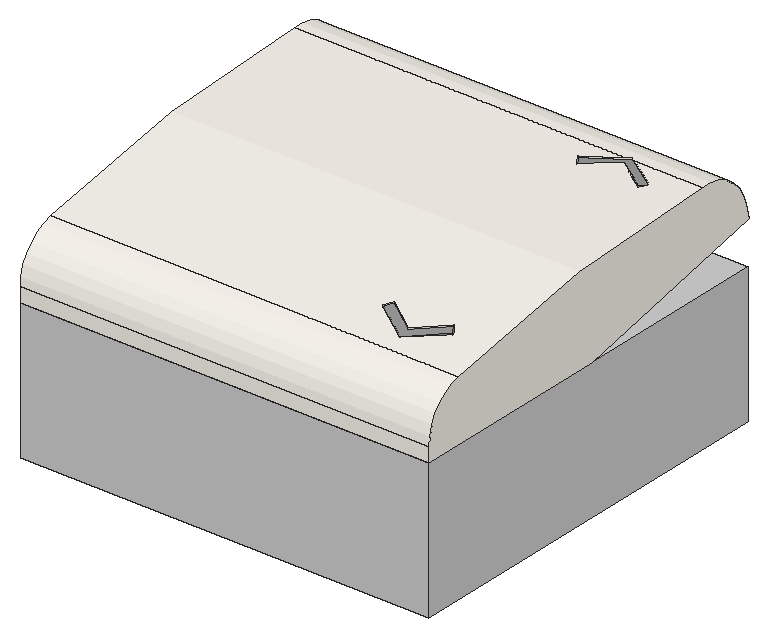
Revit family "Domotics-DomesticRanges-GEWISS-CHORUS_COMMAND-THREE-WAY_SWITCH_2M", category Apparecchi elettrici, host Superficie, Revit 2016
Family settings
  Host = Superficie
  Mantenere orientamento annotazione = Sì
  Tipo di parte = Normale
  Quota connettore circolare = Usa diametro
  Numero OmniClass = 23.80.50.11.14
  Titolo OmniClass = Switches
  Taglio con vuoti quando caricato = Sì
  Condiviso = Sì
  Punto di calcolo locali = No
Parameters (values of type "GW14123 - 3-WAY SWITCH 2M 1P 10AX UP-DOWN TITANIUM")
  Vista di pianta [instance] = yes
  Version file RFA = "19.0"
  URL = "https://www.gewiss.com/ww/en"
  Tipo_ = CHORUS COMMUTATORI 2M_BASE : GW14123 - Titanio
  Technical sheet = "https://www.gewiss.com/ww/en/search?q=GW14123"
  Simbolo_ = SIMBOLO COMMUTATORI : COMM
  SIMBOLO [instance] = yes
  Realized by GEWISS S.p.A. = ""
  Produttore = "GEWISS S.p.A."
  Offset pulsante [instance] = 0 mm
  Offset bidimensionale [instance] = 2 mm
  Modello = "GW14123"
  Larghezza pulsante = 46 mm
  IFC.TypeObject = ""
  IFC.ExportType = ""
  IFC.ExportAs = ""
  IDT = "c454bc21-6205-4e8f-baf1-45f8cd5f8f96"
  IDF = "2266ed53-35f0-49de-98f4-7ea16ee829f8"
  Electrocod = "0131                "
  EAN code = "8011564894181"
  Distanza_effettiva_x = 1500 mm - Distanza_x  # 1500 mm
  Distanza_x = 0 mm
  Default Elevation = 1219.2 mm
  Immagine tipo = GW14123.jpg
  Descrizione = "3-WAY SWITCH 2M 1P 10AX UP-DOWN TITANIUM"
  Catalogue Range = "CHORUS - DOMESTIC RANGE"
  Catalogue = "DOMOTICS"
  COBie.Tagnumber = ""
  COBie.CreatedOn = ""
  COBie.CreatebBy = ""
  COBie.ComponentRegisterItemID = ""
  COBie.Component.TagNumber = ""
  COBie.Component.Space = ""
  COBie.Component.SerialNumber = ""
  COBie.Component.InstallationDate = ""
  COBie.Component.Description = ""
  COBie.Component.BarCode = ""
Types (3, lengths in mm): name | Tipo_ | Technical sheet | Modello | IDT | EAN code | Immagine tipo | Descrizione
  GW10123 - 3-WAY SWITCH, 2M 1P 10AX UP-DOWN WHITE | CHORUS COMMUTATORI 2M_BASE : GW10123 - Bianco | "https://www.gewiss.com/ww/en/search?q=GW10123" | "GW10123" | "97eb75cd-b8ab-43fd-86b8-1d700ec36e9f" | "8011564894129" | GW10123.jpg | "3-WAY SWITCH, 2M 1P 10AX UP-DOWN WHITE"
  GW14123 - 3-WAY SWITCH 2M 1P 10AX UP-DOWN TITANIUM | CHORUS COMMUTATORI 2M_BASE : GW14123 - Titanio | "https://www.gewiss.com/ww/en/search?q=GW14123" | "GW14123" | "c454bc21-6205-4e8f-baf1-45f8cd5f8f96" | "8011564894181" | GW14123.jpg | "3-WAY SWITCH 2M 1P 10AX UP-DOWN TITANIUM"
  GW12123 - 3-WAY SWITCH, 2M 1P 10AX UP-DOWN BLACK | CHORUS COMMUTATORI 2M_BASE : GW12123 - Nero | "https://www.gewiss.com/ww/en/search?q=GW12123" | "GW12123" | "5a94cc68-8092-4a04-ab20-ffba71acd389" | "8011564894174" | GW12123.jpg | "3-WAY SWITCH, 2M 1P 10AX UP-DOWN BLACK"
Reference planes
  plane 1 "Centro (Fronte/Retro)": y = 0
  plane 2: z = 0
  plane 3 "Centro (Sinistra/Destra)": x = 0
  plane 4: z = 0
  plane 5 "piano bidimensionale": z = 2
  plane 6: x = 0
  plane 7: x = -23
  plane 8: x = 23
  plane 9: z = 26
  plane 10: x = -1500
Lines and regions (mm)
  Masking region 1, visible <- "Vista di pianta"
    outline origin (0, 0, 0) x (1, 0, 0) y (0, 0, 1)
      loop
        line (-23, 26) -> (-23, 0) -> (23, 0) -> (23, 26) -> (-23, 26)
  model lines, style "pulsanti", not visible, detail levels coarse
    curve 1: line (-23, 22.5, 58) -> (23, 22.5, 58)
    curve 2: line (-23, -22.5, 58) -> (-23, 22.5, 58)
    curve 3: line (23, -22.5, 58) -> (-23, -22.5, 58)
    curve 4: line (23, 22.5, 58) -> (23, -22.5, 58)
    curve 5: line (16.279, 16.431, 58) -> (12.328, 13.765, 58)
    curve 6: line (20.231, 13.765, 58) -> (16.279, 16.431, 58)
    curve 7: line (16.279, 15.225, 58) -> (12.887, 12.936, 58)
    curve 8: line (19.671, 12.936, 58) -> (16.279, 15.225, 58)
    curve 9: line (12.328, 13.765, 58) -> (12.887, 12.936, 58)
    curve 10: line (19.671, 12.936, 58) -> (20.231, 13.765, 58)
    curve 11: line (16.279, -16.431, 58) -> (12.328, -13.765, 58)
    curve 12: line (20.231, -13.765, 58) -> (16.279, -16.431, 58)
    curve 13: line (16.279, -15.225, 58) -> (12.887, -12.936, 58)
    curve 14: line (19.671, -12.936, 58) -> (16.279, -15.225, 58)
    curve 15: line (12.328, -13.765, 58) -> (12.887, -12.936, 58)
    curve 16: line (19.671, -12.936, 58) -> (20.231, -13.765, 58)
  model lines, style "pulsanti", detail levels coarse
    curve 17: line (-23, 22.5, 26) -> (23, 22.5, 26)
    curve 18: line (-23, -22.5, 26) -> (-23, 22.5, 26)
    curve 19: line (23, -22.5, 26) -> (-23, -22.5, 26)
    curve 20: line (23, 22.5, 26) -> (23, -22.5, 26)
    curve 21: line (16.279, 16.431, 26) -> (12.328, 13.765, 26)
    curve 22: line (20.231, 13.765, 26) -> (16.279, 16.431, 26)
    curve 23: line (16.279, 15.225, 26) -> (12.887, 12.936, 26)
    curve 24: line (19.671, 12.936, 26) -> (16.279, 15.225, 26)
    curve 25: line (12.328, 13.765, 26) -> (12.887, 12.936, 26)
    curve 26: line (19.671, 12.936, 26) -> (20.231, 13.765, 26)
    curve 27: line (16.279, -16.431, 26) -> (12.328, -13.765, 26)
    curve 28: line (20.231, -13.765, 26) -> (16.279, -16.431, 26)
    curve 29: line (16.279, -15.225, 26) -> (12.887, -12.936, 26)
    curve 30: line (19.671, -12.936, 26) -> (16.279, -15.225, 26)
    curve 31: line (12.328, -13.765, 26) -> (12.887, -12.936, 26)
    curve 32: line (19.671, -12.936, 26) -> (20.231, -13.765, 26)
Dimensions and locks
  "Offset pulsante": plane 4 to host face
  "Offset bidimensionale": plane 5 "piano bidimensionale" to plane 2
  equal spacing: plane 7, plane 3 "Centro (Sinistra/Destra)", plane 8
  "Larghezza pulsante": plane 7 to plane 8
  locked: plane 9 to plane 4 at 26
  "Distanza_effettiva_x": plane 10 to plane 6
  plane 10 to plane 3 "Centro (Sinistra/Destra)" = 1500 mm
  aligned and locked: plane 2 to host face
  aligned and locked: level to host face
  aligned and locked: nested 1 to plane 4  (x2)
  aligned and locked: plane 6 to nested 2
  aligned and locked: Masking region 1 sketch curve to plane 9
  aligned and locked: plane 7 to Masking region 1 sketch curve
  aligned and locked: plane 4 to Masking region 1 sketch curve
Automatic sketch dimensions
  host sketch curve to host sketch curve = 2438.4 mm  (x2)
  curve 1 to curve 5 = 6.069 mm
  curve 5 to curve 7 = 1.206 mm
  curve 7 to curve 5 = 1.46 mm
  curve 7 to curve 6 = 1.46 mm
  curve 5 to curve 7 = 0.829 mm
  curve 6 to curve 8 = 0.829 mm
  curve 7 to curve 15 = 25.872 mm
  curve 13 to curve 16 = 0 mm
  curve 13 to curve 11 = 0.829 mm
  curve 14 to curve 16 = 0.829 mm
  curve 14 to curve 14 = 2.289 mm
  curve 13 to curve 11 = 1.206 mm
  curve 11 to curve 3 = 6.069 mm
  curve 2 to curve 11 = 35.328 mm
  curve 9 to curve 11 = 0 mm
  curve 5 to curve 7 = 0.559 mm
  curve 11 to curve 15 = 0.559 mm
  curve 11 to curve 4 = 6.721 mm
  Masking region 1 sketch curve to plane 8 = 0 mm
  curve 17 to curve 21 = 6.069 mm
  curve 21 to curve 23 = 1.206 mm
  curve 23 to curve 21 = 1.46 mm
  curve 23 to curve 22 = 1.46 mm
  curve 21 to curve 23 = 0.829 mm
  curve 22 to curve 24 = 0.829 mm
  curve 23 to curve 31 = 25.872 mm
  curve 29 to curve 32 = 0 mm
  curve 29 to curve 27 = 0.829 mm
  curve 30 to curve 32 = 0.829 mm
  curve 30 to curve 30 = 2.289 mm
  curve 29 to curve 27 = 1.206 mm
  curve 27 to curve 19 = 6.069 mm
  curve 18 to curve 27 = 35.328 mm
  curve 25 to curve 27 = 0 mm
  curve 21 to curve 23 = 0.559 mm
  curve 27 to curve 31 = 0.559 mm
  curve 27 to curve 20 = 6.721 mm
Nested families
  nested 1: "CHORUS COMMUTATORI 2M_BASE" at (0, 0, 0), type <- "Tipo_", type "GW14123 - Titanio"
  nested 2: "SIMBOLO COMMUTATORI" at (0, 24.884, 0), type <- "Simbolo_", SIMBOLO <- "SIMBOLO", type "COMM"
    with SIMBOLO yes, Distanza dal muro 1 mm, BORDO ACCESO yes
Connectors
  electrical at (0, 0, 0)
    settings: on nested 1, index 1, voltage 0 V, apparent load 0 VA, apparent load phase1 0 VA, apparent load phase2 0 VA, apparent load phase3 0 VA, power factor 1, load classification "Other", number of poles 1, system type 31, power factor state 1, is connector primary yes, connector utility no, sub classification motor no, connector description ""
Definition of nested family "CHORUS COMMUTATORI 2M_BASE"
  Parameters (values of type "GW10123 - Bianco")
    Simboli su e giù = none
    Supporto = none
    Pulsante = none
    Profondità suporto = 15.673 mm
    Larghezza pulsante = 23 mm
    Bidimensionale = 36.414 mm
    Altezza pulsante = 45 mm
  Types (3): name
    GW10123 - Bianco
    GW14123 - Titanio
    GW12123 - Nero
  Reference planes
    plane 1 "Centro (Fronte/Retro)": y = 0
    plane 2: z = 0
    plane 3 "Centro (Sinistra/Destra)": x = 0
    plane 4: y = -22.5
    plane 5: y = 22.5
    plane 6: x = -11.5
    plane 7: x = 11.5
    plane 8: z = 15.673
    plane 9 "PIANO BIDIMENSIONALE": z = 36.414
  Forms (mm)
    Extrusion 1, solid, material <- "Supporto", detail levels medium+fine
      sketch origin (0, 0, 0) x (0, 1, 0) y (0, 0, 1)
        loop
          line (-22.5, 0) -> (22.5, 0) -> (22.5, 15.673) -> (-22.5, 15.673) -> (-22.5, 0)
      from -23 to 23
    Extrusion 2, solid, material <- "Pulsante", detail levels medium+fine
      sketch origin (0, 0, 0) x (0, 1, 0) y (0, 0, 1)
        loop
          line (-22.5, 15.673) -> (0.483, 15.673) -> (22.519, 20.482) -> (22.148, 22.183)
          arc (22.148, 22.183) -> (19.948, 25.458) -> (16.125, 26.433) r 5.53
          arc (16.125, 26.433) -> (-1.159, 25.53) -> (-18.194, 22.47) r 137.99
          arc (-18.194, 22.47) -> (-21.286, 20.607) -> (-22.5, 17.207) r 5.368
          line (-22.5, 17.207) -> (-22.5, 15.673)
      from -23 to 23
    Extrusion 3, solid, material <- "Pulsante", not visible, detail levels medium+fine
      sketch origin (0, 0, 0) x (0, 1, 0) y (0, 0, 1)
        loop
          line (-22.5, 15.673) -> (-5.8, 15.673) -> (0, 20.313) -> (6.657, 17.02) -> (22.519, 20.482) -> (22.148, 22.183)
          arc (22.148, 22.183) -> (19.948, 25.458) -> (16.125, 26.433) r 5.53
          arc (16.125, 26.433) -> (-1.159, 25.53) -> (-18.194, 22.47) r 137.99
          arc (-18.194, 22.47) -> (-21.286, 20.607) -> (-22.5, 17.207) r 5.368
          line (-22.5, 17.207) -> (-22.5, 15.673)
      from -11.5 to 11.5
    Extrusion 4, void, not visible, detail levels medium+fine
      sketch origin (0, 0, 0) x (0, 1, 0) y (0, 0, 1)
        loop
          arc (-20, 19.947) -> (-16.844, 20.738) -> (-13.67, 21.455) r 135.99
          line (-13.67, 21.455) -> (-13.67, 23.499)
          arc (-13.67, 23.499) -> (-15.936, 23.003) -> (-18.194, 22.47) r 137.99
          arc (-18.194, 22.47) -> (-19.13, 22.19) -> (-20, 21.745) r 5.368
          line (-20, 21.745) -> (-20, 19.947)
      from 3.779 to 10.113
    Extrusion 5, solid, material <- "Pulsante", not visible, detail levels medium+fine
      sketch origin (0, -125, 0) x (0, 1, 0) y (0, 0, 1)
        loop
          line (-22.5, 15.673) -> (-5.8, 15.673) -> (0, 20.313) -> (6.657, 17.02) -> (22.519, 20.482) -> (22.148, 22.183)
          arc (22.148, 22.183) -> (19.948, 25.458) -> (16.125, 26.433) r 5.53
          arc (16.125, 26.433) -> (-1.159, 25.53) -> (-18.194, 22.47) r 137.99
          arc (-18.194, 22.47) -> (-21.286, 20.607) -> (-22.5, 17.207) r 5.368
          line (-22.5, 17.207) -> (-22.5, 15.673)
      from -11.5 to 11.5
    Extrusion 6, void, not visible
      sketch origin (0, -125, 0) x (0, 1, 0) y (0, 0, 1)
        loop
          arc (-6.8, 24.76) -> (-12.521, 23.735) -> (-18.194, 22.47) r 137.99
          arc (-18.194, 22.47) -> (-19.13, 22.19) -> (-20, 21.745) r 5.368
          line (-20, 21.745) -> (-20, 19.947)
          arc (-20, 19.947) -> (-13.435, 21.505) -> (-6.8, 22.735) r 135.99
          line (-6.8, 22.735) -> (-6.8, 24.76)
      from 5.4 to 8.1
    Extrusion 7, solid, material <- "Simboli su e giù", not visible, detail levels medium+fine
      sketch origin (0, -125, 0) x (0, 1, 0) y (0, 0, 1)
        loop
          arc (-20, 19.947) -> (-13.435, 21.505) -> (-6.8, 22.735) r 135.99
          line (-6.8, 22.735) -> (-6.8, 23.748)
          arc (-6.8, 23.748) -> (-13.434, 22.527) -> (-20, 20.98) r 136.99
          line (-20, 20.98) -> (-20, 19.947)
      from 5.4 to 8.1
    Extrusion 8, void
      sketch origin (10, -3.067, 38.928) x (-1, 0, 0) y (0, -0.976424, -0.21586)
        loop
          line (-8.731, 13.765) -> (-8.171, 12.936) -> (-4.779, 15.225) -> (-1.387, 12.936) -> (-0.828, 13.765) -> (-4.779, 16.431) -> (-8.731, 13.765)
      from -14 to -12
    Extrusion 9, void
      sketch origin (10, 0, 36.414) x (-1, 0, 0) y (0, -1, 0)
        loop
          line (-4.779, -16.431) -> (-0.828, -13.765) -> (-1.387, -12.936) -> (-4.779, -15.225) -> (-8.171, -12.936) -> (-8.731, -13.765) -> (-4.779, -16.431)
      from -11 to -9
    Extrusion 10, solid, material <- "Pulsante", not visible, detail levels medium+fine
      sketch origin (0, 0, 0) x (0, 1, 0) y (0, 0, 1)
        loop
          line (-22.5, 15.673) -> (-5.8, 15.673) -> (0, 20.313) -> (6.657, 17.02) -> (22.519, 20.482) -> (22.148, 22.183)
          arc (22.148, 22.183) -> (19.948, 25.458) -> (16.125, 26.433) r 5.53
          arc (16.125, 26.433) -> (-1.159, 25.53) -> (-18.194, 22.47) r 137.99
          arc (-18.194, 22.47) -> (-21.286, 20.607) -> (-22.5, 17.207) r 5.368
          line (-22.5, 17.207) -> (-22.5, 15.673)
      from -11.5 to 11.5
    Extrusion 11, void, not visible
      sketch origin (0, -3.067, 38.928) x (-1, 0, 0) y (0, -0.976424, -0.21586)
        loop
          line (-8.731, 13.765) -> (-8.01, 13.045) -> (-4.779, 15.225) -> (-1.548, 13.045) -> (-0.828, 13.765) -> (-4.779, 16.431) -> (-8.731, 13.765)
      from -14 to -12
    Extrusion 12, void, not visible
      sketch origin (0, 0, 36.414) x (-1, 0, 0) y (0, -1, 0)
        loop
          line (-4.779, -16.431) -> (-0.828, -13.765) -> (-1.387, -12.936) -> (-4.779, -15.225) -> (-8.171, -12.936) -> (-8.731, -13.765) -> (-4.779, -16.431)
      from -11 to -9
    Extrusion 13, solid, material <- "Simboli su e giù", detail levels medium+fine
      sketch origin (10, 0, 36.414) x (-1, 0, 0) y (0, -1, 0)
        loop
          line (-4.779, -16.431) -> (-0.828, -13.765) -> (-1.387, -12.936) -> (-4.779, -15.225) -> (-8.171, -12.936) -> (-8.731, -13.765) -> (-4.779, -16.431)
      from -11 to -10.1
    Extrusion 14, solid, material <- "Simboli su e giù", detail levels medium+fine
      sketch origin (10, -3.098, 39.068) x (-1, 0, 0) y (0, -0.976424, -0.21586)
        loop
          line (-4.779, 16.431) -> (-8.731, 13.765) -> (-8.171, 12.936) -> (-4.779, 15.225) -> (-1.387, 12.936) -> (-0.828, 13.765) -> (-4.779, 16.431)
      from -14.143 to -13.023
  Cuts and joins
    Extrusion 8, Extrusion 9 cuts Extrusion 2
  Lines and regions (mm)
    Masking region 1
      outline origin (0, 0, 36.414) x (-1, 0, 0) y (0, -1, 0)
        loop
          line (23, -22.5) -> (23, 22.5) -> (-23, 22.5) -> (-23, -22.5) -> (23, -22.5)
    Masking region 2, not visible
      outline origin (40.306, 0, 36.414) x (-1, 0, 0) y (0, -1, 0)
        loop
          line (51.806, -22.5) -> (51.806, 22.5) -> (28.806, 22.5) -> (28.806, -22.5) -> (51.806, -22.5)
        loop
          line (34.906, 6.8) -> (34.906, 20) -> (32.206, 20) -> (32.206, 6.8) -> (34.906, 6.8)
    Masking region 3, not visible
      outline origin (40.306, 0, 36.414) x (-1, 0, 0) y (0, -1, 0)
        loop
          line (34.906, 6.8) -> (34.906, 20) -> (32.206, 20) -> (32.206, 6.8) -> (34.906, 6.8)
    Masking region 4, not visible
      outline origin (0, 0, 36.414) x (-1, 0, 0) y (0, -1, 0)
        loop
          line (51.806, -22.5) -> (51.806, 22.5) -> (28.806, 22.5) -> (28.806, -22.5) -> (51.806, -22.5)
        loop
          line (36.528, 13.67) -> (36.528, 20.004) -> (30.193, 20.004) -> (30.193, 13.67) -> (36.528, 13.67)
    Masking region 5, not visible
      outline origin (0, 0, 36.414) x (-1, 0, 0) y (0, -1, 0)
        loop
          line (36.528, 13.67) -> (36.528, 20.004) -> (30.193, 20.004) -> (30.193, 13.67) -> (36.528, 13.67)
    Masking region 6
      outline origin (10.625, 0, 36.414) x (-1, 0, 0) y (0, -1, 0)
        loop
          line (-4.779, -16.431) -> (-0.828, -13.765) -> (-1.387, -12.936) -> (-4.779, -15.225) -> (-8.171, -12.936) -> (-8.731, -13.765) -> (-4.779, -16.431)
        loop
          line (-4.779, 16.431) -> (-8.731, 13.765) -> (-8.171, 12.936) -> (-4.779, 15.225) -> (-1.387, 12.936) -> (-0.828, 13.765) -> (-4.779, 16.431)
  Dimensions and locks
    equal spacing: plane 4, plane 1 "Centro (Fronte/Retro)", plane 5
    plane 4 to plane 5 = 45 mm
    equal spacing: plane 6, plane 3 "Centro (Sinistra/Destra)", plane 7
    "Larghezza pulsante": plane 6 to plane 7
    equal spacing: plane 5, plane 1 "Centro (Fronte/Retro)", plane 4
    "Altezza pulsante": plane 5 to plane 4
    "Profondità suporto": plane 8 to plane 2
    "Bidimensionale": plane 9 "PIANO BIDIMENSIONALE" to level
    aligned and locked: level to plane 2
    aligned and locked: Extrusion 1 sketch curve to plane 4
    aligned and locked: plane 5 to Extrusion 1 sketch curve
    aligned and locked: Extrusion 1 sketch curve to plane 2
    aligned and locked: Masking region 1 sketch curve to Extrusion 1  (x2)
    aligned and locked: Extrusion 13 to cut or joined group of Extrusion 2, Extrusion 8, Extrusion 9
  Automatic sketch dimensions
    Masking region 2 sketch curve to Masking region 2 sketch curve = 3.4 mm
    Masking region 2 sketch curve to Masking region 2 sketch curve = 2.7 mm
    Masking region 3 sketch curve to Masking region 3 sketch curve = 2.7 mm
    Masking region 2 sketch curve to Masking region 2 sketch curve = 23 mm
    Masking region 2 sketch curve to Masking region 2 sketch curve = 29.3 mm
    Masking region 2 sketch curve to Masking region 2 sketch curve = 13.2 mm
    Masking region 2 sketch curve to Masking region 2 sketch curve = 2.5 mm
    Masking region 3 sketch curve to Masking region 3 sketch curve = 13.2 mm
    Masking region 4 sketch curve to Masking region 4 sketch curve = 1.387 mm
    Masking region 4 sketch curve to Masking region 4 sketch curve = 6.335 mm  (x2)
    Masking region 4 sketch curve to Masking region 4 sketch curve = 23 mm
    Masking region 5 sketch curve to Masking region 5 sketch curve = 6.335 mm  (x2)
    Masking region 4 sketch curve to Masking region 4 sketch curve = 36.17 mm
    Masking region 4 sketch curve to Masking region 4 sketch curve = 2.496 mm
    Extrusion 3 sketch curve to Extrusion 3 sketch curve = 1.243 mm
    Extrusion 4 sketch curve to Extrusion 4 sketch curve = 1.754 mm
    Extrusion 4 sketch curve to Extrusion 4 sketch curve = 0 mm  (x4)
    Extrusion 3 sketch curve to Extrusion 3 sketch curve = 5.368 mm
    Extrusion 3 sketch curve to Extrusion 3 sketch curve = 11.331 mm
    Extrusion 3 sketch curve to Extrusion 3 sketch curve = 5.8 mm
    Extrusion 3 sketch curve to Extrusion 3 sketch curve = 6.657 mm
    Extrusion 3 sketch curve to Extrusion 3 sketch curve = 8.016 mm
    Extrusion 3 sketch curve to Extrusion 3 sketch curve = 10.103 mm
    Extrusion 3 sketch curve to Extrusion 3 sketch curve = 5.388 mm
    Extrusion 3 sketch curve to Extrusion 3 sketch curve = 0.371 mm
    Extrusion 3 sketch curve to Extrusion 3 sketch curve = 127.222 mm
    Extrusion 3 sketch curve to Extrusion 3 sketch curve = 1.347 mm
    Extrusion 3 sketch curve to Extrusion 3 sketch curve = 1.535 mm
    Extrusion 3 sketch curve to Extrusion 3 sketch curve = 3.293 mm
    Extrusion 3 sketch curve to Extrusion 3 sketch curve = 3.462 mm
    Extrusion 3 sketch curve to Extrusion 3 sketch curve = 1.062 mm
    Extrusion 4 sketch curve to Extrusion 4 sketch curve = 2.868 mm
    Extrusion 4 sketch curve to Extrusion 4 sketch curve = 6.33 mm
    Extrusion 4 sketch curve to Extrusion 4 sketch curve = 31.805 mm
    Extrusion 4 sketch curve to Extrusion 4 sketch curve = 128.756 mm
    Extrusion 4 sketch curve to Extrusion 4 sketch curve = 2.739 mm
    Extrusion 4 sketch curve to Extrusion 4 sketch curve = 1.799 mm
    Extrusion 5 sketch curve to Extrusion 5 sketch curve = 1.243 mm
    Extrusion 7 sketch curve to Extrusion 7 sketch curve = 1.013 mm
    Extrusion 7 sketch curve to Extrusion 7 sketch curve = 0 mm  (x4)
    Extrusion 5 sketch curve to Extrusion 5 sketch curve = 5.368 mm
    Extrusion 5 sketch curve to Extrusion 5 sketch curve = 11.331 mm
    Extrusion 5 sketch curve to Extrusion 5 sketch curve = 5.8 mm
    Extrusion 5 sketch curve to Extrusion 5 sketch curve = 6.657 mm
    Extrusion 5 sketch curve to Extrusion 5 sketch curve = 8.016 mm
    Extrusion 5 sketch curve to Extrusion 5 sketch curve = 10.103 mm
    Extrusion 5 sketch curve to Extrusion 5 sketch curve = 5.388 mm
    Extrusion 5 sketch curve to Extrusion 5 sketch curve = 0.371 mm
    Extrusion 5 sketch curve to Extrusion 5 sketch curve = 127.222 mm
    Extrusion 5 sketch curve to Extrusion 5 sketch curve = 1.347 mm
    Extrusion 5 sketch curve to Extrusion 5 sketch curve = 1.535 mm
    Extrusion 5 sketch curve to Extrusion 5 sketch curve = 3.293 mm
    Extrusion 5 sketch curve to Extrusion 5 sketch curve = 3.462 mm
    Extrusion 5 sketch curve to Extrusion 5 sketch curve = 1.062 mm
    Extrusion 7 sketch curve to Extrusion 7 sketch curve = 13.2 mm
    Extrusion 7 sketch curve to Extrusion 7 sketch curve = 34.673 mm
    Extrusion 7 sketch curve to Extrusion 7 sketch curve = 131.496 mm
    Extrusion 6 sketch curve to Extrusion 6 sketch curve = 0 mm  (x4)
    Extrusion 6 sketch curve to Extrusion 6 sketch curve = 2.739 mm
    Extrusion 6 sketch curve to Extrusion 6 sketch curve = 1.799 mm
    Extrusion 6 sketch curve to Extrusion 6 sketch curve = 2.025 mm
    Extrusion 6 sketch curve to Extrusion 6 sketch curve = 2.868 mm
    Extrusion 6 sketch curve to Extrusion 6 sketch curve = 10.332 mm
    Extrusion 6 sketch curve to Extrusion 6 sketch curve = 31.805 mm
    Extrusion 6 sketch curve to Extrusion 6 sketch curve = 128.756 mm
    Extrusion 8 sketch curve to Extrusion 8 sketch curve = 0.559 mm  (x2)
    Extrusion 8 sketch curve to Extrusion 8 sketch curve = 3.392 mm  (x2)
    Extrusion 8 sketch curve to Extrusion 8 sketch curve = 0 mm  (x2)
    Extrusion 8 sketch curve to Extrusion 8 sketch curve = 0.829 mm  (x2)
    Extrusion 8 sketch curve to Extrusion 8 sketch curve = 2.289 mm
    Extrusion 8 sketch curve to Extrusion 8 sketch curve = 1.206 mm
    Extrusion 9 sketch curve to Extrusion 9 sketch curve = 0 mm
    Extrusion 9 sketch curve to Extrusion 9 sketch curve = 0.559 mm  (x2)
    Extrusion 9 sketch curve to Extrusion 9 sketch curve = 1.46 mm
    Extrusion 9 sketch curve to Extrusion 9 sketch curve = 0.829 mm
    Extrusion 9 sketch curve to Extrusion 9 sketch curve = 3.392 mm
    Extrusion 10 sketch curve to Extrusion 10 sketch curve = 1.243 mm
    Extrusion 11 sketch curve to Extrusion 11 sketch curve = 0.72 mm  (x4)
    Extrusion 11 sketch curve to Extrusion 11 sketch curve = 3.231 mm  (x2)
    Extrusion 11 sketch curve to Extrusion 11 sketch curve = 0 mm  (x2)
    Extrusion 11 sketch curve to Extrusion 11 sketch curve = 2.18 mm
    Extrusion 11 sketch curve to Extrusion 11 sketch curve = 1.206 mm
    Extrusion 12 sketch curve to Extrusion 12 sketch curve = 0 mm
    Extrusion 12 sketch curve to Extrusion 12 sketch curve = 0.559 mm  (x2)
    Extrusion 12 sketch curve to Extrusion 12 sketch curve = 1.46 mm
    Extrusion 12 sketch curve to Extrusion 12 sketch curve = 0.829 mm
    Extrusion 10 sketch curve to Extrusion 10 sketch curve = 5.368 mm
    Extrusion 10 sketch curve to Extrusion 10 sketch curve = 11.331 mm
    Extrusion 10 sketch curve to Extrusion 10 sketch curve = 5.8 mm
    Extrusion 10 sketch curve to Extrusion 10 sketch curve = 6.657 mm
    Extrusion 10 sketch curve to Extrusion 10 sketch curve = 8.016 mm
    Extrusion 10 sketch curve to Extrusion 10 sketch curve = 10.103 mm
    Extrusion 10 sketch curve to Extrusion 10 sketch curve = 5.388 mm
    Extrusion 10 sketch curve to Extrusion 10 sketch curve = 0.371 mm
    Extrusion 10 sketch curve to Extrusion 10 sketch curve = 127.222 mm
    Extrusion 10 sketch curve to Extrusion 10 sketch curve = 1.347 mm
    Extrusion 10 sketch curve to Extrusion 10 sketch curve = 1.535 mm
    Extrusion 10 sketch curve to Extrusion 10 sketch curve = 3.293 mm
    Extrusion 10 sketch curve to Extrusion 10 sketch curve = 3.462 mm
    Extrusion 10 sketch curve to Extrusion 10 sketch curve = 1.062 mm
    Extrusion 12 sketch curve to Extrusion 12 sketch curve = 3.392 mm
    plane 7 to Extrusion 13 sketch curve = 7.231 mm
    Extrusion 13 sketch curve to Extrusion 13 sketch curve = 0.559 mm
    Extrusion 13 sketch curve to Extrusion 13 sketch curve = 3.951 mm
    Extrusion 13 sketch curve to Extrusion 13 sketch curve = 0 mm
    plane 3 "Centro (Sinistra/Destra)" to Extrusion 13 sketch curve = 11.387 mm
    plane 3 "Centro (Sinistra/Destra)" to Extrusion 13 sketch curve = 10.828 mm
    Extrusion 13 sketch curve to plane 5 = 6.069 mm
    Extrusion 13 sketch curve to Extrusion 13 sketch curve = 1.206 mm
    plane 7 to Extrusion 14 sketch curve = 7.231 mm
    Extrusion 14 sketch curve to Extrusion 14 sketch curve = 0.559 mm
    Extrusion 14 sketch curve to Extrusion 14 sketch curve = 3.951 mm
    Extrusion 14 sketch curve to Extrusion 14 sketch curve = 0 mm
    plane 3 "Centro (Sinistra/Destra)" to Extrusion 14 sketch curve = 11.387 mm
    plane 3 "Centro (Sinistra/Destra)" to Extrusion 14 sketch curve = 10.828 mm
    Extrusion 14 sketch curve to Extrusion 14 sketch curve = 0.829 mm
    plane 7 to Extrusion 8 sketch curve = 7.231 mm
    plane 7 to Extrusion 9 sketch curve = 7.231 mm
    Extrusion 9 sketch curve to plane 5 = 6.069 mm
    plane 7 to Masking region 1 sketch curve = 11.5 mm
    plane 7 to Masking region 6 sketch curve = 7.856 mm  (x2)
    Masking region 6 sketch curve to Masking region 6 sketch curve = 0.559 mm  (x2)
    Masking region 6 sketch curve to Masking region 6 sketch curve = 3.951 mm  (x2)
    Masking region 6 sketch curve to Masking region 6 sketch curve = 0 mm  (x2)
    plane 3 "Centro (Sinistra/Destra)" to Masking region 6 sketch curve = 12.012 mm  (x2)
    plane 3 "Centro (Sinistra/Destra)" to Masking region 6 sketch curve = 11.453 mm  (x2)
    Masking region 6 sketch curve to plane 5 = 6.069 mm
    Masking region 6 sketch curve to Masking region 6 sketch curve = 1.206 mm
    plane 1 "Centro (Fronte/Retro)" to Masking region 6 sketch curve = 12.936 mm
    Masking region 6 sketch curve to Masking region 6 sketch curve = 0.829 mm
    Extrusion 2 sketch curve to plane 4 = 0 mm
    plane 8 to Extrusion 2 sketch curve = 0 mm
    Extrusion 2 sketch curve to plane 8 = 1.535 mm
    plane 4 to Extrusion 2 sketch curve = 5.368 mm
    Extrusion 2 sketch curve to plane 5 = 7.827 mm
    Extrusion 2 sketch curve to plane 5 = 5.74 mm
    Extrusion 2 sketch curve to plane 5 = 0.352 mm
    plane 5 to Extrusion 2 sketch curve = 0.019 mm
    Extrusion 2 sketch curve to level = 111.549 mm
    Extrusion 2 sketch curve to plane 8 = 4.81 mm
    Extrusion 2 sketch curve to Extrusion 2 sketch curve = 0.458 mm
    Extrusion 2 sketch curve to Extrusion 2 sketch curve = 1.701 mm
    plane 4 to Extrusion 2 sketch curve = 4.306 mm
    plane 8 to Extrusion 1 sketch curve = 0 mm
    Masking region 1 sketch curve to plane 5 = 0 mm
Definition of nested family "SIMBOLO COMMUTATORI"
  Parameters (values of type "COMM")
    SIMBOLO [instance] = yes
    Distanza dal muro [instance] = 4.208 mm
    BORDO ACCESO [instance] = yes
  Reference planes
    plane 1: y = 0
    plane 2: x = 0
  Dimensions and locks
    "Distanza dal muro": plane 1 to nested 1
    aligned and locked: plane 2 to nested 1
  Nested families
    nested 1: "SIMBOLO COMMUTATORI_BASE" at (0, 4.208, 0), BORDO ACCESO <- "BORDO ACCESO", visible <- "SIMBOLO", type "COMM"
      with BORDO ACCESO yes
  Definition of nested family "SIMBOLO COMMUTATORI_BASE"
    Parameters (values of type "COMM")
      Distanza dal muro = 4.208 mm
      BORDO ACCESO [instance] = yes
    Reference planes
      plane 1: y = 0
      plane 2: x = 0
    Lines and regions (mm)
      detail lines
        curve 1: circle (0, 1.164, 0) r 0.371 normal (0, 0, 1)
        curve 2: line (0.213, 1.468, 0) -> (0.541, 1.937, 0)
        curve 3: line (0.541, 1.937, 0) -> (0.801, 1.752, 0)
        curve 12: line (-0.213, 1.468, 0) -> (-0.541, 1.937, 0)
        curve 13: line (-0.541, 1.937, 0) -> (-0.801, 1.752, 0)
      detail lines, visible <- "BORDO ACCESO", not visible
        curve 4: line (-1.743, 9.208, 0) -> (2.057, 9.208, 0)
        curve 5: line (2.057, 9.208, 0) -> (2.057, 4.208, 0)
        curve 6: line (2.057, 4.208, 0) -> (-1.743, 4.208, 0)
        curve 7: line (-1.743, 4.208, 0) -> (-1.743, 9.208, 0)
        curve 8: line (-1.543, 9.008, 0) -> (1.857, 9.008, 0)
        curve 9: line (1.857, 9.008, 0) -> (1.857, 4.408, 0)
        curve 10: line (1.857, 4.408, 0) -> (-1.543, 4.408, 0)
        curve 11: line (-1.543, 4.408, 0) -> (-1.543, 9.008, 0)
